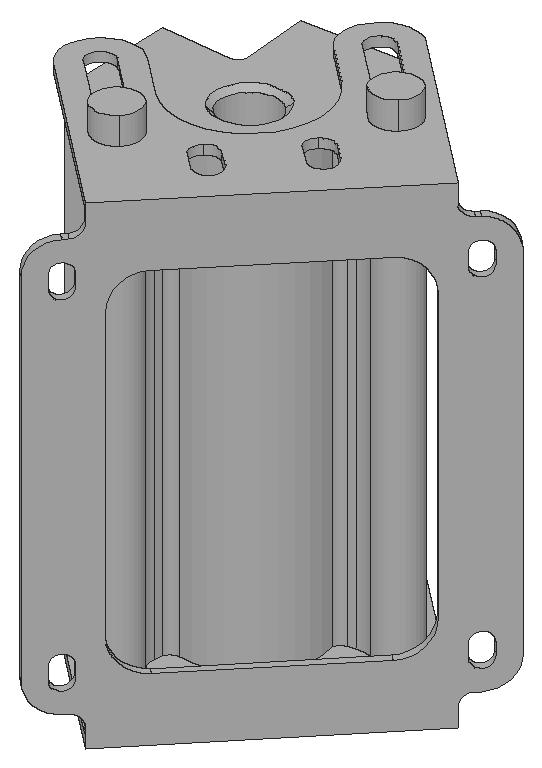
Revit family "656565656565", category Pipe Fittings, Revit 2018
Family settings
  Round Connector Dimension = Use Diameter
  Part Type = Elbow
  OmniClass Number = 23.27.43.00
  OmniClass Title = Pipe Fittings
  Work Plane-Based = Yes
  Always vertical = No
  Cut with Voids When Loaded = No
  Shared = No
Parameters (values of type "90644")
  Tick Size 02 [instance] = Nominal Diameter 02 * 0.4  # 5.08 mm
  QR code = "https://www.bimobject.com/aignep/product/4-ways-manifold-90644"
  Product url = "https://www.aignep.com/eng/Pipe-fittings-INFINITY/Air-Pipeline-INFINITY-Series/4-WAYS-MANIFOLD"
  Product name = "4 Ways Manifold - 90644"
  Product group = "Fittings"
  Product family = "INFINITY"
  Product certification = "https://www.aignep.com/eng/Certificazioni/FREE-OF-SILICON"
  Product SKU = "4-Ways-Manifold-90644"
  Product Material = AIGNEP - Aluminium - Grey
  Product Guid = "82939b2a-6f37-4b34-8cd3-0bf9f1a0f60b"
  OmniClass Description = "Pipe Fittings"
  OmniClass Code = "23-27 43 00"
  Nominal Diameter 02 [instance] = 12.700 mm
  Nominal Diameter 01 [instance] = 12.700 mm
  Material main = "Aluminium"
  Manufacturer name = "Aignep Spa"
  Manufacturer country = "Italy"
  Lmin [instance] = 35.00 mm  # constant formula
  Lmax [instance] = 60.00 mm  # constant formula
  L Control [instance] = if(L > Lmax, Lmax, if(L < Lmin, Lmin, L))  # 35.00 mm
  L [instance] = 35.00 mm
  IFC Classification = "Pipe Fitting"
  F2/2 [instance] = F2 / 2  # 6.35 mm
  Design country = "Italy"
  Default Elevation = 1219.20 mm
  Description = "4 Ways Manifold"
  URL = "https://www.aignep.com/"
  Tick Size 01 [instance] = Nominal Diameter 01 * 0.4  # 5.08 mm
  Product data url = "https://www.bimobject.com/aignep/product/4-ways-manifold-90644"
  Model = "90644"
  Manufacturer = "Aignep Spa"
  Lookup Table Name = "4 Ways Manifold - 90644"
  Keynote = "15410"
  Edition number = 1
  F1 [instance] = if(Nominal Diameter 01 > Nominal Diameter 02, size_lookup(Lookup Table Name, "F1", 0.00 mm, Nominal Diameter 01, Nominal Diameter 02), size_lookup(Lookup Table Name, "F1", 0.00 mm, Nominal Diameter 02, Nominal Diameter 01))  # 12.70 mm
  F2 [instance] = if(Nominal Diameter 01 > Nominal Diameter 02, size_lookup(Lookup Table Name, "F2", 0.00 mm, Nominal Diameter 01, Nominal Diameter 02), size_lookup(Lookup Table Name, "F2", 0.00 mm, Nominal Diameter 02, Nominal Diameter 01))  # 12.70 mm
  BIMobject category = "Joints"
  Assembly Code = "D2040100"
  Article Code [instance] = if(Nominal Diameter 01 > Nominal Diameter 02, size_lookup(Lookup Table Name, "", "", Nominal Diameter 01, Nominal Diameter 02), size_lookup(Lookup Table Name, "", "", Nominal Diameter 02, Nominal Diameter 01))  # "90644 00 001"
Reference planes
  plane 1 "Center (Front/Back)": y = 0
  plane 2: z = 0
  plane 3 "Center (Left/Right)": x = 0
  plane 4: through (-0.499, 3.348, 1200) normal (-0.7071, 0.7071, 0)
  plane 5: through (24.25, -21.401, 1200) normal (-0.7071, 0.7071, 0)
Dimensions and locks
  locked: plane 4 to plane 3 "Center (Left/Right)" at 2.72
  "L Control": plane 4 to plane 5
  aligned and locked: level to plane 2
Nested families
  nested 1: "90644 - Geometry" at (22.825, -22.825, 24) x (0, 0, -1) z (-0.7071, 0.7071, 0), Nominal Diameter 01 <- "Nominal Diameter 01", Nominal Diameter 02 <- "Nominal Diameter 02", L <- "L", Lmax <- "Lmax", Lmin <- "Lmin", F1 <- "F1", F2 <- "F2", F2/2 <- "F2/2", L Control <- "L Control", Tick Size 01 <- "Tick Size 01", Tick Size 02 <- "Tick Size 02", type "90644"
    with Tick Size 02 5.08 mm, Tick Size 01 5.08 mm, Nominal Diameter 02 12.700 mm, Nominal Diameter 01 12.700 mm, Lmin 35.00 mm, Lmax 60.00 mm, L Control 35.00 mm, L 35.00 mm, F2/2 6.35 mm, F2 12.70 mm, F1 12.70 mm
Connectors
  piping at (0, 15.46, 0), diameter 12.7, driven by "Nominal Diameter 02"
    settings: on nested 1, index 1, connector inside diameter 609.600 mm, connector length 0.00 mm, flow factor 0, pipe flow 0.0 L/s, pressure drop 0.0 Pa, fitting loss kfactor 0, connector angle 0.00°, fixture units 0, engagement length 0.00 mm, angle of deflection 0.00°, flow configuration 0, flow direction 0, fitting loss method 0, system type 28, joint type 0, gender type 0, connector reference index 2, connector utility 0, adjustable connector no, is connector primary no, connector description ""
  piping at (-15.46, 0, 0), diameter 12.7, driven by "Nominal Diameter 02"
    settings: on nested 1, index 2, connector inside diameter 609.600 mm, connector length 0.00 mm, flow factor 0, pipe flow 0.0 L/s, pressure drop 0.0 Pa, fitting loss kfactor 0, connector angle 0.00°, fixture units 0, engagement length 0.00 mm, angle of deflection 0.00°, flow configuration 0, flow direction 0, fitting loss method 0, system type 28, joint type 0, gender type 0, connector reference index 1, connector utility 0, adjustable connector no, is connector primary yes, connector description ""
  piping at (0, 15.46, 48), diameter 12.7, driven by "Nominal Diameter 02"
    settings: on nested 1, index 3, connector inside diameter 609.600 mm, connector length 0.00 mm, flow factor 0, pipe flow 0.0 L/s, pressure drop 0.0 Pa, fitting loss kfactor 0, connector angle 0.00°, fixture units 0, engagement length 0.00 mm, angle of deflection 0.00°, flow configuration 0, flow direction 0, fitting loss method 0, system type 28, joint type 0, gender type 0, connector reference index -1, connector utility 0, adjustable connector no, is connector primary no, connector description ""
  piping at (-15.46, 0, 48), diameter 12.7, driven by "Nominal Diameter 02"
    settings: on nested 1, index 4, connector inside diameter 609.600 mm, connector length 0.00 mm, flow factor 0, pipe flow 0.0 L/s, pressure drop 0.0 Pa, fitting loss kfactor 0, connector angle 0.00°, fixture units 0, engagement length 0.00 mm, angle of deflection 0.00°, flow configuration 0, flow direction 0, fitting loss method 0, system type 28, joint type 0, gender type 0, connector reference index -1, connector utility 0, adjustable connector no, is connector primary no, connector description ""
  piping at (-1.924, 1.924, 61.048), diameter 12.7, driven by "Nominal Diameter 01"
    settings: on nested 1, index 5, connector inside diameter 609.600 mm, connector length 0.00 mm, flow factor 0, pipe flow 0.0 L/s, pressure drop 0.0 Pa, fitting loss kfactor 0, connector angle 0.00°, fixture units 0, engagement length 0.00 mm, angle of deflection 0.00°, flow configuration 0, flow direction 0, fitting loss method 0, system type 28, joint type 0, gender type 0, connector reference index -1, connector utility 0, adjustable connector no, is connector primary no, connector description ""
  piping at (-1.924, 1.924, -10.595), diameter 12.7, driven by "Nominal Diameter 01"
    settings: on nested 1, index 6, connector inside diameter 609.600 mm, connector length 0.00 mm, flow factor 0, pipe flow 0.0 L/s, pressure drop 0.0 Pa, fitting loss kfactor 0, connector angle 0.00°, fixture units 0, engagement length 0.00 mm, angle of deflection 0.00°, flow configuration 0, flow direction 0, fitting loss method 0, system type 28, joint type 0, gender type 0, connector reference index -1, connector utility 0, adjustable connector no, is connector primary no, connector description ""
Definition of nested family "90644 - Geometry"
  Parameters (values of type "90644")
    Tick Size 02 [instance] = 5.08 mm
    Product Material = none
    Nominal Diameter 02 [instance] = 12.700 mm
    Nominal Diameter 01 [instance] = 12.700 mm
    Lmin [instance] = 35.00 mm
    Lmax [instance] = 60.00 mm
    L Control [instance] = 35.00 mm
    L [instance] = 35.00 mm
    F2/2 [instance] = 6.35 mm
    Default Elevation = 1219.20 mm
    Description = ""
    URL = ""
    Tick Size 01 [instance] = 5.08 mm
    Model = ""
    Manufacturer = ""
    Keynote = ""
    F1 [instance] = 12.70 mm
    F2 [instance] = 12.70 mm
    Assembly Code = ""
  Reference planes
    plane 1 "Center (Front/Back)": y = 0
    plane 2: z = 0
    plane 3 "Center (Left/Right)": x = 0
    plane 4 "L": z = 35
    plane 5: y = 6.35
    plane 6: y = -6.35
    plane 7: y = 6.35
    plane 8: y = -6.35
    plane 9 "1": z = 43.211
    plane 10: y = 10.932
    plane 11: y = -10.932
    plane 12 "A": x = -24
    plane 13 "B": x = 24
    plane 14: y = -32.3
    plane 15: y = -32.3
  Forms (mm)
    Extrusion 1, solid, material <- "Product Material", detail levels fine
      sketch origin (0, 0, 0) x (0, 1, 0) y (0, 0, 1)
        loop
          arc (0, 21.109) -> (-11.443, 25.723) -> (-16.2, 37.108) r 16
          line (-16.2, 37.108) -> (-16.2, 49.608)
          arc (-16.2, 49.608) -> (-18.561, 55.282) -> (-24.25, 57.608) r 8
          arc (-24.25, 57.608) -> (-29.939, 55.282) -> (-32.3, 49.608) r 8
          line (-32.3, 49.608) -> (-32.3, 0) -> (32.3, 0) -> (32.3, 49.608)
          arc (32.3, 49.608) -> (29.939, 55.282) -> (24.25, 57.608) r 8
          arc (24.25, 57.608) -> (18.561, 55.282) -> (16.2, 49.608) r 8
          line (16.2, 49.608) -> (16.2, 37.108)
          arc (16.2, 37.108) -> (11.443, 25.723) -> (0, 21.109) r 16
        loop
          line (13.05, 10.2) -> (13.05, 15.2)
          arc (13.05, 15.2) -> (12.157, 17.357) -> (10, 18.25) r 3.05
          arc (10, 18.25) -> (7.843, 17.357) -> (6.95, 15.2) r 3.05
          line (6.95, 15.2) -> (6.95, 10.2)
          arc (6.95, 10.2) -> (10, 7.15) -> (13.05, 10.2) r 3.05
        loop
          line (-6.95, 10.2) -> (-6.95, 15.2)
          arc (-6.95, 15.2) -> (-7.843, 17.357) -> (-10, 18.25) r 3.05
          arc (-10, 18.25) -> (-12.157, 17.357) -> (-13.05, 15.2) r 3.05
          line (-13.05, 15.2) -> (-13.05, 10.2)
          arc (-13.05, 10.2) -> (-10, 7.15) -> (-6.95, 10.2) r 3.05
        loop
          line (27.3, 23.683) -> (27.3, 49.683)
          arc (27.3, 49.683) -> (24.25, 52.733) -> (21.2, 49.683) r 3.05
          line (21.2, 49.683) -> (21.2, 23.683)
          arc (21.2, 23.683) -> (24.25, 20.633) -> (27.3, 23.683) r 3.05
        loop
          line (-21.2, 23.683) -> (-21.2, 49.683)
          arc (-21.2, 49.683) -> (-24.25, 52.733) -> (-27.3, 49.683) r 3.05
          line (-27.3, 49.683) -> (-27.3, 23.683)
          arc (-27.3, 23.683) -> (-24.25, 20.633) -> (-21.2, 23.683) r 3.05
      from 52 to 54
    Extrusion 2, solid, material <- "Product Material", detail levels fine
      sketch origin (0, 0, 0) x (0, 1, 0) y (0, 0, 1)
        loop
          arc (0, 21.109) -> (-11.443, 25.723) -> (-16.2, 37.108) r 16
          line (-16.2, 37.108) -> (-16.2, 49.608)
          arc (-16.2, 49.608) -> (-18.561, 55.282) -> (-24.25, 57.608) r 8
          arc (-24.25, 57.608) -> (-29.939, 55.282) -> (-32.3, 49.608) r 8
          line (-32.3, 49.608) -> (-32.3, 0) -> (32.3, 0) -> (32.3, 49.608)
          arc (32.3, 49.608) -> (29.939, 55.282) -> (24.25, 57.608) r 8
          arc (24.25, 57.608) -> (18.561, 55.282) -> (16.2, 49.608) r 8
          line (16.2, 49.608) -> (16.2, 37.108)
          arc (16.2, 37.108) -> (11.443, 25.723) -> (0, 21.109) r 16
        loop
          line (13.05, 10.2) -> (13.05, 15.2)
          arc (13.05, 15.2) -> (12.157, 17.357) -> (10, 18.25) r 3.05
          arc (10, 18.25) -> (7.843, 17.357) -> (6.95, 15.2) r 3.05
          line (6.95, 15.2) -> (6.95, 10.2)
          arc (6.95, 10.2) -> (10, 7.15) -> (13.05, 10.2) r 3.05
        loop
          line (-6.95, 10.2) -> (-6.95, 15.2)
          arc (-6.95, 15.2) -> (-7.843, 17.357) -> (-10, 18.25) r 3.05
          arc (-10, 18.25) -> (-12.157, 17.357) -> (-13.05, 15.2) r 3.05
          line (-13.05, 15.2) -> (-13.05, 10.2)
          arc (-13.05, 10.2) -> (-10, 7.15) -> (-6.95, 10.2) r 3.05
        loop
          line (27.3, 23.683) -> (27.3, 49.683)
          arc (27.3, 49.683) -> (24.25, 52.733) -> (21.2, 49.683) r 3.05
          line (21.2, 49.683) -> (21.2, 23.683)
          arc (21.2, 23.683) -> (24.25, 20.633) -> (27.3, 23.683) r 3.05
        loop
          line (-21.2, 23.683) -> (-21.2, 49.683)
          arc (-21.2, 49.683) -> (-24.25, 52.733) -> (-27.3, 49.683) r 3.05
          line (-27.3, 49.683) -> (-27.3, 23.683)
          arc (-27.3, 23.683) -> (-24.25, 20.633) -> (-21.2, 23.683) r 3.05
      from -54 to -52
    Extrusion 3, solid, material <- "Product Material", detail levels fine
      sketch origin (0, 0, 0) x (1, 0, 0) y (0, 1, 0)
        loop
          line (40, 43.5) -> (-40, 43.5)
          arc (-40, 43.5) -> (-44.95, 41.45) -> (-47, 36.5) r 7
          line (-47, 36.5) -> (-47, 35.3)
          arc (-47, 35.3) -> (-47.879, 33.179) -> (-50, 32.3) r 3
          line (-50, 32.3) -> (-52, 32.3) -> (-52, -32.3) -> (-50, -32.3)
          arc (-50, -32.3) -> (-47.879, -33.179) -> (-47, -35.3) r 3
          line (-47, -35.3) -> (-47, -36.5)
          arc (-47, -36.5) -> (-44.95, -41.45) -> (-40, -43.5) r 7
          line (-40, -43.5) -> (40, -43.5)
          arc (40, -43.5) -> (44.95, -41.45) -> (47, -36.5) r 7
          line (47, -36.5) -> (47, -35.3)
          arc (47, -35.3) -> (47.879, -33.179) -> (50, -32.3) r 3
          line (50, -32.3) -> (52, -32.3) -> (52, 32.3) -> (50, 32.3)
          arc (50, 32.3) -> (47.879, 33.179) -> (47, 35.3) r 3
          line (47, 35.3) -> (47, 36.5)
          arc (47, 36.5) -> (44.95, 41.45) -> (40, 43.5) r 7
        loop
          arc (-40, -21) -> (-37.657, -26.657) -> (-32, -29) r 8
          line (-32, -29) -> (32, -29)
          arc (32, -29) -> (37.657, -26.657) -> (40, -21) r 8
          line (40, -21) -> (40, 21)
          arc (40, 21) -> (37.657, 26.657) -> (32, 29) r 8
          line (32, 29) -> (-32, 29)
          arc (-32, 29) -> (-37.657, 26.657) -> (-40, 21) r 8
          line (-40, 21) -> (-40, -21)
        loop
          arc (-40, 39) -> (-42.5, 36.5) -> (-40, 34) r 2.5
          line (-40, 34) -> (-37.5, 34)
          arc (-37.5, 34) -> (-35, 36.5) -> (-37.5, 39) r 2.5
          line (-37.5, 39) -> (-40, 39)
        loop
          arc (37.5, 39) -> (35, 36.5) -> (37.5, 34) r 2.5
          line (37.5, 34) -> (40, 34)
          arc (40, 34) -> (42.5, 36.5) -> (40, 39) r 2.5
          line (40, 39) -> (37.5, 39)
        loop
          arc (37.5, -34) -> (35, -36.5) -> (37.5, -39) r 2.5
          line (37.5, -39) -> (40, -39)
          arc (40, -39) -> (42.5, -36.5) -> (40, -34) r 2.5
          line (40, -34) -> (37.5, -34)
        loop
          arc (-40, -34) -> (-42.5, -36.5) -> (-40, -39) r 2.5
          line (-40, -39) -> (-37.5, -39)
          arc (-37.5, -39) -> (-35, -36.5) -> (-37.5, -34) r 2.5
          line (-37.5, -34) -> (-40, -34)
      from 0 to 2
    Extrusion 4, solid, material <- "Product Material", detail levels fine
      sketch origin (-32.5, 55.314, 1200) x (0, 1, 0) y (0, 0, 1)
        loop
          line (-24.259, -1155.75) -> (-43.343, -1136.666) -> (-53.805, -1148.7)
          arc (-53.805, -1148.7) -> (-55.314, -1149.388) -> (-56.823, -1148.7) r 2
          line (-56.823, -1148.7) -> (-67.285, -1136.666) -> (-86.369, -1155.75) -> (-76.206, -1164.584)
          arc (-76.206, -1164.584) -> (-75.192, -1166.809) -> (-76.206, -1169.034) r 2.948
          arc (-76.206, -1169.034) -> (-77.835, -1170.102) -> (-79.691, -1170.695) r 7.217
          arc (-79.691, -1170.695) -> (-83.8, -1178.491) -> (-75.047, -1177.477) r 4.981
          arc (-75.047, -1177.477) -> (-74.29, -1175.454) -> (-72.859, -1173.836) r 5.927
          line (-72.859, -1173.836) -> (-71.346, -1172.654)
          arc (-71.346, -1172.654) -> (-70.009, -1172.222) -> (-68.708, -1172.754) r 2.047
          arc (-68.708, -1172.754) -> (-55.614, -1180.434) -> (-42.278, -1173.182) r 15.431
          arc (-42.278, -1173.182) -> (-40.898, -1172.251) -> (-39.282, -1172.654) r 2.047
          line (-39.282, -1172.654) -> (-37.769, -1173.836)
          arc (-37.769, -1173.836) -> (-36.63, -1175.014) -> (-35.857, -1176.458) r 5.927
          arc (-35.857, -1176.458) -> (-27.149, -1178.91) -> (-30.938, -1170.695) r 4.981
          arc (-30.938, -1170.695) -> (-32.793, -1170.102) -> (-34.422, -1169.034) r 7.217
          arc (-34.422, -1169.034) -> (-35.436, -1166.809) -> (-34.422, -1164.584) r 2.948
          line (-34.422, -1164.584) -> (-24.259, -1155.75)
      from -19.5 to 84.5
    Extrusion 5, solid, material <- "Product Material", detail levels fine
      sketch origin (36, -1524, 2214.315) x (0, 0, 1) y (0, -1, 0)
        loop
          circle (-2189.991, -1548.25) r 4.981
        loop
          circle (-2189.991, -1499.75) r 4.981
      from 16 to 24
    Extrusion 6, solid, material <- "Product Material", detail levels fine
      sketch origin (-36, -1524, 2214.315) x (0, 0, 1) y (0, -1, 0)
        loop
          circle (-2189.991, -1548.25) r 4.981
        loop
          circle (-2189.991, -1499.75) r 4.981
      from -16 to -24
    Revolve 7, void
      sketch origin (-24, 58.401, 1200) x (0, -1, 0) y (0, 0, 1)
        loop
          line (51.959, -1152.298) -> (42.527, -1142.867) -> (42.527, -1140.569) -> (36.888, -1146.208) -> (47.469, -1156.789) -> (51.959, -1152.298)
        axis (47.469, -1156.789) -> (36.888, -1146.208)
      angle from 0 to 360
    Revolve 8, void
      sketch origin (-24, 58.401, 1200) x (0, -1, 0) y (0, 0, 1)
        loop
          line (64.843, -1152.298) -> (69.333, -1156.789) -> (79.914, -1146.208) -> (74.275, -1140.569) -> (74.275, -1142.867) -> (64.843, -1152.298)
        axis (69.333, -1156.789) -> (79.914, -1146.208)
      angle from 0 to 360
    Revolve 9, void
      sketch origin (0, 54.113, 35) x (0, 1, 0) y (-1, 0, 0)
        loop
          line (-46.51, 52) -> (-54.113, 52) -> (-54.113, 37.048) -> (-47.763, 37.048) -> (-47.763, 50.748) -> (-46.51, 52)
        axis (-54.113, 37.048) -> (-54.113, 52)
      angle from 0 to 360
    Revolve 10, void
      sketch origin (0, 54.113, 35) x (0, 1, 0) y (-1, 0, 0)
        loop
          line (-40.634, -52) -> (-42.142, -50.492) -> (-42.142, -44.595) -> (-47.763, -44.595) -> (-47.763, -34.595) -> (-54.113, -34.595) -> (-54.113, -52) -> (-40.634, -52)
        axis (-54.113, -52) -> (-54.113, -34.595)
      angle from 0 to 360
    Revolve 11, void
      sketch origin (24, 58.401, 1200) x (0, -1, 0) y (0, 0, 1)
        loop
          line (51.959, -1152.298) -> (42.527, -1142.867) -> (42.527, -1140.569) -> (36.888, -1146.208) -> (47.469, -1156.789) -> (51.959, -1152.298)
        axis (47.469, -1156.789) -> (36.888, -1146.208)
      angle from 0 to 360
    Revolve 12, void
      sketch origin (24, 58.401, 1200) x (0, -1, 0) y (0, 0, 1)
        loop
          line (64.843, -1152.298) -> (69.333, -1156.789) -> (79.914, -1146.208) -> (74.275, -1140.569) -> (74.275, -1142.867) -> (64.843, -1152.298)
        axis (69.333, -1156.789) -> (79.914, -1146.208)
      angle from 0 to 360
  Cuts and joins
    joined: Extrusion 1, Extrusion 2, Extrusion 3
    Revolve 7, Revolve 8, Revolve 9, Revolve 10, Revolve 11, Revolve 12 cuts Extrusion 4
  Lines and regions (mm)
    reference lines
      curve 1: line (0, 33.077, 65.357) -> (0, 0, 32.279)
      curve 2: line (0, 0, 32.279) -> (0, -31.82, 64.099)
    model lines, detail levels coarse+medium
      curve 3: line (-37.048, 0, 35) -> (34.595, 0, 35)
      curve 4: line (-37.048, 0, 35) -> (-37.048, 5.08, 35)
      curve 5: line (-37.048, 0, 35) -> (-37.048, -5.08, 35)
      curve 6: line (34.595, 0, 35) -> (34.595, 5.08, 35)
      curve 7: line (34.595, 0, 35) -> (34.595, -5.08, 35)
      curve 8: line (-24, 0, 32.279) -> (-24, 10.932, 43.211)
      curve 9: line (-24, 0, 32.279) -> (-24, -10.932, 43.211)
      curve 10: line (24, 0, 35) -> (24, 0, 32.279)
      curve 11: line (24, 0, 32.279) -> (24, -10.932, 43.211)
      curve 12: line (24, 0, 32.279) -> (24, 10.932, 43.211)
      curve 13: line (-24, 0, 35) -> (-24, 0, 32.279)
      curve 14: line (-24, 7.34, 46.804) -> (-24, 14.524, 39.619)
      curve 15: line (-24, -14.524, 39.619) -> (-24, -7.34, 46.804)
      curve 16: line (24, 7.34, 46.804) -> (24, 14.524, 39.619)
      curve 17: line (24, -7.34, 46.804) -> (24, -14.524, 39.619)
  Dimensions and locks
    plane 4 "L" to Extrusion 5 sketch curve to Extrusion 5 sketch curve = 10.676 mm locked, 0.00 mm locked
    locked: Extrusion 6 sketch curve to Extrusion 6 sketch curve at 0
    equal spacing: Extrusion 6 sketch curve, plane 1 "Center (Front/Back)", Extrusion 6 sketch curve
    locked: Extrusion 5 sketch curve to plane 1 "Center (Front/Back)" at 24.25
    equal spacing: Extrusion 5 sketch curve, plane 1 "Center (Front/Back)", Extrusion 5 sketch curve
    Extrusion 4 sketch curve to Extrusion 4 sketch curve to Extrusion 4 sketch curve to Extrusion 4 sketch curve to Extrusion 4 sketch curve to plane 4 "L" to Extrusion 4 sketch curve to Extrusion 4 sketch curve to Extrusion 4 sketch curve = 0.00 mm locked, 12.722 mm locked, 6.362 mm locked, 0.00 mm locked, 9.25 mm locked, 15.436 mm locked, 0.221 mm locked, 0.00 mm locked
    Revolve 7 sketch curve to Revolve 7 sketch curve to Revolve 7 sketch curve = 13.338 mm locked, 1.625 mm locked
    locked: Revolve 7 sketch curve to Revolve 7 sketch curve at 1.625
    locked: Revolve 8 sketch curve to Revolve 8 sketch curve at 1.625
    Revolve 8 sketch curve to Revolve 8 sketch curve to Revolve 8 sketch curve = 1.625 mm locked, 13.338 mm locked
    locked: plane 4 "L" to curve 1 at 2.721
    "F2/2": curve 1 to Revolve 7 sketch curve
    Extrusion 2 sketch curve to Extrusion 2 sketch curve to Extrusion 2 sketch curve to Extrusion 2 sketch curve to plane 2 = 0.00 mm locked, 4.875 mm locked, 0.00 mm locked, 52.733 mm locked
    locked: curve 2 to Revolve 7 sketch curve at 15.46
    locked: curve 1 to Revolve 8 sketch curve at 15.46
    equal spacing: plane 6, plane 1 "Center (Front/Back)", plane 5
    "F1": plane 5 to plane 6
    equal spacing: plane 8, plane 1 "Center (Front/Back)", plane 7
    "F2": plane 7 to plane 8
    locked: Revolve 9 sketch curve to plane 5 at 1.252
    Revolve 9 sketch curve to Revolve 9 sketch curve to Revolve 9 sketch curve = 1.252 mm locked, 13.70 mm locked
    Revolve 10 sketch curve to Revolve 10 sketch curve to plane 7 = 1.508 mm locked, 5.621 mm locked
    Revolve 10 sketch curve to Revolve 10 sketch curve to Revolve 10 sketch curve to Revolve 10 sketch curve = 10.00 mm locked, 5.898 mm locked, 1.508 mm locked
    "F2/2": curve 2 to Revolve 8 sketch curve
    locked: Extrusion 1 sketch curve to plane 2 at 37.108  (x2)
    Extrusion 1 sketch curve to Extrusion 1 sketch curve to Extrusion 1 sketch curve to Extrusion 1 sketch curve to Extrusion 1 sketch curve to Extrusion 1 sketch curve to plane 2 = 0.00 mm locked, 4.875 mm locked, 0.00 mm locked, 32.10 mm locked, 0.00 mm locked, 20.633 mm locked
    Extrusion 2 sketch curve to Extrusion 2 sketch curve to plane 2 = 0.00 mm locked, 20.633 mm locked
    locked: Extrusion 2 sketch curve to plane 2 at 37.108  (x2)
    equal spacing: curve 5, plane 1 "Center (Front/Back)", curve 4
    "Tick Size 01": plane 1 "Center (Front/Back)" to curve 4
    equal spacing: curve 7, plane 1 "Center (Front/Back)", curve 6
    "Tick Size 02": plane 1 "Center (Front/Back)" to curve 6
    "L Control": plane 4 "L" to plane 2
    locked: plane 9 "1" to plane 4 "L" at 8.211
    equal spacing: plane 10, plane 1 "Center (Front/Back)", plane 11
    locked: plane 10 to plane 11 at 21.864
    equal spacing: plane 12 "A", plane 3 "Center (Left/Right)", plane 13 "B"
    locked: plane 12 "A" to plane 13 "B" at 48
    Revolve 11 sketch curve to Revolve 11 sketch curve to Revolve 11 sketch curve = 13.338 mm locked, 1.625 mm locked
    locked: Revolve 11 sketch curve to Revolve 11 sketch curve at 1.625
    Revolve 12 sketch curve to Revolve 12 sketch curve to Revolve 12 sketch curve = 13.338 mm locked, 1.625 mm locked
    locked: Revolve 12 sketch curve to Revolve 12 sketch curve at 1.625
    Extrusion 2 sketch curve to Extrusion 2 sketch curve to Extrusion 2 sketch curve to Extrusion 2 sketch curve to Extrusion 2 sketch curve = 19.25 mm locked, 6.10 mm locked, 13.90 mm locked, 6.10 mm locked
    locked: plane 1 "Center (Front/Back)" to plane 14 at 32.3
    locked: Extrusion 2 sketch curve to plane 14 at 64.6
    locked: plane 1 "Center (Front/Back)" to plane 15 at 32.3
    Extrusion 1 sketch curve to Extrusion 1 sketch curve to Extrusion 1 sketch curve to Extrusion 1 sketch curve to Extrusion 1 sketch curve to plane 15 = 19.25 mm locked, 6.10 mm locked, 13.90 mm locked, 6.10 mm locked, 19.25 mm locked
    "F2/2": Revolve 12 sketch curve to Revolve 12 sketch curve
    equal spacing: curve 14, curve 1, curve 14
    equal spacing: curve 15, curve 2, curve 15
    "Tick Size 02": curve 2 to curve 15
    "Tick Size 02": curve 1 to curve 14
    equal spacing: curve 16, curve 1, curve 16
    equal spacing: curve 17, curve 2, curve 17
    "Tick Size 02": curve 1 to curve 16
    "Tick Size 02": curve 2 to curve 17
    locked: curve 1 to plane 4 "L" (angle 45.00°)
    locked: plane 4 "L" to curve 2 (angle 45.00°)
    aligned and locked: level to plane 2
    aligned and locked: Revolve 7 sketch curve to curve 1  (x2)
    aligned and locked: Revolve 9 sketch curve to plane 1 "Center (Front/Back)"
    aligned and locked: Revolve 9 sketch curve to plane 5
    aligned and locked: Revolve 10 sketch curve to plane 1 "Center (Front/Back)"  (x2)
    aligned and locked: plane 7 to Revolve 10 sketch curve
    aligned and locked: curve 2 to Revolve 8 sketch curve  (x2)
    aligned and locked: curve 1 to curve 10
    aligned and locked: plane 4 "L" to curve 10
    aligned and locked: curve 8 to curve 1
    aligned and locked: curve 9 to curve 2
    aligned and locked: plane 9 "1" to curve 8
    aligned and locked: plane 9 "1" to curve 9
    aligned and locked: plane 14 to Extrusion 2 sketch curve
    aligned and locked: plane 15 to Extrusion 1 sketch curve
    aligned and locked: curve 4 to cut or joined group of Extrusion 4, Revolve 7, Revolve 8, Revolve 9, Revolve 10, Revolve 11, Revolve 12
    aligned and locked: cut or joined group of Extrusion 4, Revolve 7, Revolve 8, Revolve 9, Revolve 10, Revolve 11, Revolve 12 to curve 7
    aligned and locked: curve 11 to plane 13 "B"
    aligned and locked: curve 2 to Revolve 12 sketch curve  (x2)
    aligned and locked: cut or joined group of Extrusion 4, Revolve 7, Revolve 8, Revolve 9, Revolve 10, Revolve 11, Revolve 12 to curve 14
    aligned and locked: curve 15 to cut or joined group of Extrusion 4, Revolve 7, Revolve 8, Revolve 9, Revolve 10, Revolve 11, Revolve 12
    aligned and locked: cut or joined group of Extrusion 4, Revolve 7, Revolve 8, Revolve 9, Revolve 10, Revolve 11, Revolve 12 to curve 16
    aligned and locked: cut or joined group of Extrusion 4, Revolve 7, Revolve 8, Revolve 9, Revolve 10, Revolve 11, Revolve 12 to curve 17
  Automatic sketch dimensions
    Extrusion 1 sketch curve to Extrusion 1 sketch curve = 0.00 mm  (x2)
    Extrusion 1 sketch curve to level = 0.00 mm
    Extrusion 1 sketch curve to plane 1 "Center (Front/Back)" = 0.00 mm
    plane 1 "Center (Front/Back)" to Extrusion 1 sketch curve = 0.20 mm
    Extrusion 1 sketch curve to plane 11 = 5.268 mm
    Extrusion 1 sketch curve to Extrusion 1 sketch curve = 5.00 mm  (x3)
    Extrusion 1 sketch curve to Extrusion 1 sketch curve = 3.00 mm  (x2)
    Extrusion 1 sketch curve to Extrusion 1 sketch curve = 0.05 mm  (x3)
    Extrusion 1 sketch curve to plane 1 "Center (Front/Back)" = 0.20 mm
    plane 10 to Extrusion 1 sketch curve = 10.268 mm
    Extrusion 1 sketch curve to Extrusion 1 sketch curve = 3.05 mm
    level to Extrusion 1 sketch curve = 10.20 mm  (x2)
    Extrusion 1 sketch curve to Extrusion 1 sketch curve = 0.075 mm  (x2)
    Extrusion 2 sketch curve to Extrusion 2 sketch curve = 0.00 mm  (x2)
    Extrusion 2 sketch curve to level = 0.00 mm
    Extrusion 2 sketch curve to plane 1 "Center (Front/Back)" = 0.00 mm
    plane 1 "Center (Front/Back)" to Extrusion 2 sketch curve = 0.20 mm
    Extrusion 2 sketch curve to plane 11 = 5.268 mm
    Extrusion 2 sketch curve to Extrusion 2 sketch curve = 5.00 mm  (x3)
    Extrusion 2 sketch curve to Extrusion 2 sketch curve = 3.00 mm  (x2)
    Extrusion 2 sketch curve to Extrusion 2 sketch curve = 0.05 mm  (x3)
    Extrusion 2 sketch curve to plane 1 "Center (Front/Back)" = 0.20 mm
    plane 10 to Extrusion 2 sketch curve = 10.268 mm
    Extrusion 2 sketch curve to Extrusion 2 sketch curve = 3.05 mm
    level to Extrusion 2 sketch curve = 10.20 mm  (x2)
    Extrusion 2 sketch curve to Extrusion 2 sketch curve = 0.075 mm  (x2)
    Extrusion 3 sketch curve to Extrusion 3 sketch curve = 0.00 mm  (x9)
    plane 12 "A" to Extrusion 3 sketch curve = 28.00 mm
    Extrusion 3 sketch curve to Extrusion 3 sketch curve = 2.00 mm  (x3)
    Extrusion 3 sketch curve to Extrusion 3 sketch curve = 3.00 mm  (x4)
    Extrusion 3 sketch curve to Extrusion 3 sketch curve = 7.00 mm  (x4)
    plane 10 to Extrusion 3 sketch curve = 10.068 mm
    Extrusion 3 sketch curve to Extrusion 3 sketch curve = 2.50 mm  (x5)
    plane 12 "A" to Extrusion 3 sketch curve = 8.00 mm
    Extrusion 3 sketch curve to Extrusion 3 sketch curve = 5.50 mm  (x3)
    Extrusion 3 sketch curve to plane 13 "B" = 8.00 mm  (x2)
    Extrusion 3 sketch curve to Extrusion 3 sketch curve = 8.00 mm
    Extrusion 3 sketch curve to plane 11 = 10.068 mm
    Extrusion 3 sketch curve to Extrusion 3 sketch curve = 11.30 mm  (x4)
    Extrusion 3 sketch curve to Extrusion 3 sketch curve = 5.00 mm
    Extrusion 3 sketch curve to Extrusion 3 sketch curve = 1.30 mm  (x3)
    Extrusion 3 sketch curve to Extrusion 3 sketch curve = 1.20 mm
    Extrusion 4 sketch curve to plane 1 "Center (Front/Back)" = 0.00 mm
    Extrusion 4 sketch curve to plane 4 "L" = 0.005 mm
    plane 1 "Center (Front/Back)" to Extrusion 4 sketch curve = 0.05 mm
    plane 1 "Center (Front/Back)" to Extrusion 4 sketch curve = 1.509 mm
    Extrusion 4 sketch curve to plane 11 = 1.039 mm
    Extrusion 4 sketch curve to plane 11 = 2.964 mm
    Extrusion 4 sketch curve to plane 11 = 3.84 mm
    Extrusion 4 sketch curve to Extrusion 4 sketch curve = 1.26 mm  (x2)
    Extrusion 4 sketch curve to Extrusion 4 sketch curve = 1.513 mm  (x2)
    plane 4 "L" to Extrusion 4 sketch curve = 0.416 mm  (x2)
    Extrusion 4 sketch curve to Extrusion 4 sketch curve = 4.861 mm  (x2)
    Extrusion 4 sketch curve to Extrusion 4 sketch curve = 1.934 mm  (x2)
    Extrusion 4 sketch curve to Extrusion 4 sketch curve = 6.832 mm  (x2)
    plane 4 "L" to Extrusion 4 sketch curve = 1.412 mm  (x2)
    Extrusion 4 sketch curve to Extrusion 4 sketch curve = 2.80 mm  (x2)
    Extrusion 4 sketch curve to Extrusion 4 sketch curve = 5.428 mm  (x2)
    Extrusion 4 sketch curve to plane 1 "Center (Front/Back)" = 1.509 mm
    plane 10 to Extrusion 4 sketch curve = 1.039 mm
    plane 10 to Extrusion 4 sketch curve = 2.964 mm
    plane 10 to Extrusion 4 sketch curve = 3.84 mm
    Extrusion 4 sketch curve to plane 4 "L" = 1.809 mm  (x2)
    Extrusion 4 sketch curve to Extrusion 4 sketch curve = 3.62 mm  (x2)
    Extrusion 4 sketch curve to Extrusion 4 sketch curve = 1.182 mm  (x2)
    Extrusion 4 sketch curve to Extrusion 4 sketch curve = 1.613 mm  (x2)
    Extrusion 4 sketch curve to Extrusion 4 sketch curve = 1.84 mm  (x2)
    Extrusion 4 sketch curve to Extrusion 4 sketch curve = 4.239 mm  (x2)
    Extrusion 4 sketch curve to plane 9 "1" = 8.089 mm
    Extrusion 4 sketch curve to Extrusion 4 sketch curve = 0.00 mm  (x2)
    Extrusion 6 sketch curve to plane 4 "L" = 10.676 mm
    plane 10 to Extrusion 6 sketch curve = 13.318 mm
    plane 1 "Center (Front/Back)" to Revolve 9 sketch curve = 0.00 mm
    plane 12 "A" to Revolve 9 sketch curve = 13.048 mm
    Revolve 9 sketch curve to Revolve 9 sketch curve = 0.00 mm
    Revolve 9 sketch curve to Revolve 9 sketch curve = 10.825 mm
    Revolve 10 sketch curve to plane 13 "B" = 28.00 mm
    Revolve 10 sketch curve to Revolve 10 sketch curve = 0.00 mm
    Revolve 10 sketch curve to Revolve 10 sketch curve = 5.00 mm
    curve 2 to plane 1 "Center (Front/Back)" = 0.00 mm
    plane 9 "1" to Revolve 11 sketch curve = 0.00 mm
    Revolve 11 sketch curve to plane 10 = 0.00 mm
    plane 10 to Revolve 11 sketch curve = 4.942 mm
    Revolve 11 sketch curve to Revolve 11 sketch curve = 4.708 mm  (x2)
    Revolve 11 sketch curve to Revolve 11 sketch curve = 0.00 mm  (x2)
    curve 11 to plane 1 "Center (Front/Back)" = 0.00 mm
    plane 9 "1" to curve 11 = 0.00 mm
    curve 11 to plane 11 = 0.00 mm
    curve 11 to plane 4 "L" = 2.721 mm
    Revolve 7 sketch curve to plane 9 "1" = 15.289 mm
    Revolve 7 sketch curve to plane 9 "1" = 10.581 mm
    Revolve 8 sketch curve to plane 9 "1" = 10.581 mm
    Revolve 8 sketch curve to plane 9 "1" = 15.289 mm
    plane 1 "Center (Front/Back)" to curve 3 = 0.00 mm
    plane 9 "1" to Revolve 12 sketch curve = 0.00 mm
    Revolve 12 sketch curve to plane 9 "1" = 10.581 mm
    Revolve 12 sketch curve to plane 9 "1" = 15.289 mm
    curve 13 to plane 4 "L" = 0.00 mm
    curve 12 to plane 1 "Center (Front/Back)" = 0.00 mm
    radius of Extrusion 5 sketch curve = 4.981 mm  (x2)
    radius of Extrusion 6 sketch curve = 4.981 mm  (x2)
